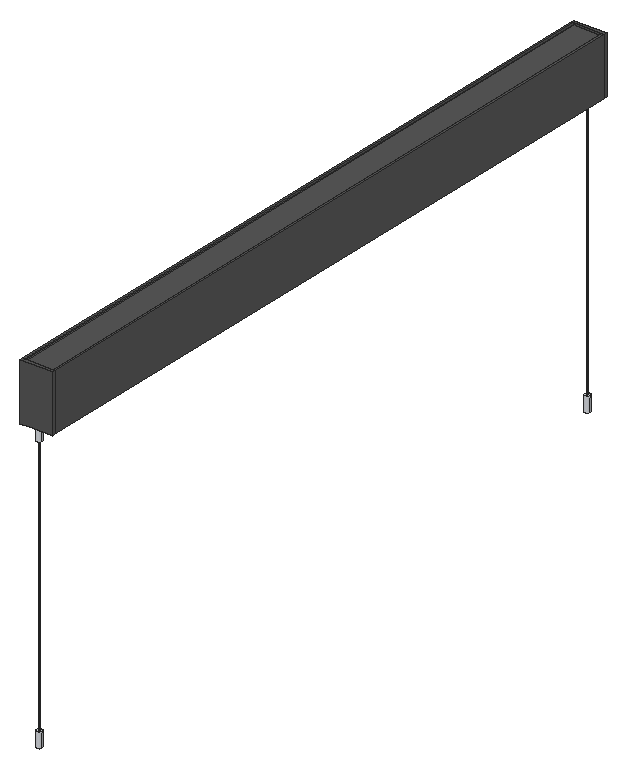
Revit family "EOS2.0-P-D", category Lighting Fixtures, host Face, Revit 2018
Family settings
  Host = Face
  Round Connector Dimension = Use Diameter
  Part Type = Normal
  Cut with Voids When Loaded = No
  Light Source = Yes
  Shared = Yes
  Room Calculation Point = Yes
Parameters (values of type "4' Direct")
  Wattage = 17.6471 W
  built-in parameter 1150110 = 1 (stored number, unit not read)
  Voltage = 0 V
  Type Comments = "LUX ILLUMINAIRE"
  built-in parameter 1114217 = 1 (stored number, unit not read)
  Tilt Angle = 90.00°
  built-in parameter 1150109 = 1 (stored number, unit not read)
  built-in parameter 1150134 = 12
  Switch Leg Visibility = no
  Switch Leg [instance] = ""
  Suspension Length [instance] = 2' - 0"
  built-in parameter 1150113 = 1 (stored number, unit not read)
  Photometric Web File = "EOS2.0 P-D 375 4 40K 8.ies"
  Material [instance] = LUX ILLUMINAIRE Black
  Manufacturer = ""
  built-in parameter 1150105 = 119.37 (stored number, unit not read)
  Lumens = 1500 lm
  built-in parameter 1150115 = 1 (stored number, unit not read)
  built-in parameter 1150137 = (empty or 0)
  built-in parameter 1150139 = (empty or 0)
  built-in parameter 1150112 = 1 (stored number, unit not read)
  built-in parameter 1150114 = 1 (stored number, unit not read)
  Lamp = "LED"
  built-in parameter 1150132 = 2
  built-in parameter 1150102 = (empty or 0)
  built-in parameter 1150107 = 4000 (stored number, unit not read)
  built-in parameter 1150138 = (empty or 0)
  built-in parameter 1150106 = 1.1937 (stored number, unit not read)
  Fixture Width = 0' - 2 1/4"  # constant formula
  Fixture Symbol Visiblity = yes
  Fixture Length = 4' - 0"
  Emit from Rectangle Width = Fixture Width - 0' 0 1/4"  # 0' - 2"
  Emit from Rectangle Length = Fixture Length  # 4' - 0"
  Emit Shape Visible in Rendering = yes
  Emergency Lighting [instance] = no
  built-in parameter 1150104 = 7.8968 (stored number, unit not read)
  Dimming Lamp Color Temperature Shift = <None>
  Default Elevation = 4' - 0"
  Color Filter = 16777215
  built-in parameter 1140040 [instance] = 1
  built-in parameter 1114218 = 1 (stored number, unit not read)
  built-in parameter 1150133 = 10 (stored number, unit not read)
  Apparent Load = 13.7 VA
Types (6): name | Wattage | Type Comments | Manufacturer | built-in parameter 1150105 | Lumens | built-in parameter 1150106 | Fixture Length | Emit from Rectangle Length | Apparent Load
  3' Direct | 13.2353 W | "LUX ILLUMINAIRE" | "" | 89.525 (stored number, unit not read) | 1125 lm | 0.89525 (stored number, unit not read) | 3' - 0" | 3' - 0" | 13.7 VA
  4' Direct | 17.6471 W | "LUX ILLUMINAIRE" | "" | 119.37 (stored number, unit not read) | 1500 lm | 1.1937 (stored number, unit not read) | 4' - 0" | 4' - 0" | 13.7 VA
  5' Direct | 22.0588 W | "LUX ILLUMINAIRE" | "" | 149.21 (stored number, unit not read) | 1875 lm | 1.4921 (stored number, unit not read) | 5' - 0" | 5' - 0" | 17.2 VA
  6' Direct | 26.4706 W | 0' - 0" | "LUX ILLUMINAIRE" | 179.05 (stored number, unit not read) | 2250 lm | 1.7905 (stored number, unit not read) | 6' - 0" | 6' - 0" | 20.6 VA
  7' Direct | 30.8824 W | 0' - 0" | "LUX ILLUMINAIRE" | 208.89 (stored number, unit not read) | 2625 lm | 2.0889 (stored number, unit not read) | 7' - 0" | 7' - 0" | 24 VA
  8' Direct | 35.2941 W | 0' - 0" | "LUX ILLUMINAIRE" | 238.73 (stored number, unit not read) | 3000 lm | 2.3873 (stored number, unit not read) | 8' - 0" | 8' - 0" | 27.4 VA
Reference planes (in)
  plane 1 "Center (Front/Back)": y = 0
  plane 2: z = 0
  plane 3 "Center (Left/Right)": x = 0
  plane 4: x = 1.125
  plane 5: x = -1.125
  plane 6: y = 24
  plane 7: y = -24
  plane 8: z = 24
  plane 9: y = 24.25
  plane 10: y = -24.25
  plane 11: z = 1
  plane 12: z = 20
  plane 13: z = 19.25
Forms (in)
  Extrusion 1, solid, material "LUX ILLUMINAIRE Black" <- "Material"
    sketch origin (0, 0, 0) x (1, 0, 0) y (0, 0, 1)
      loop
        line (-1.12525, 19.9985) -> (-0.437, 19.9985) -> (0.438, 19.9985) -> (1.12626, 19.9985) -> (1.12626, 24) -> (1.04127, 24) -> (1.04127, 23.887) -> (0.88928, 23.90497) -> (-0.8887, 23.90497) -> (-1.04026, 23.887) -> (-1.04026, 24) -> (-1.12525, 24) -> (-1.12525, 19.9985)
    from -24 to 24
  Extrusion 2, solid, material "LUX ILLUMINAIRE Black" <- "Material"
    sketch origin (0, 0, 0) x (1, 0, 0) y (0, 0, 1)
      loop
        line (-1.12525, 24) -> (-1.12525, 19.9985) -> (-0.437, 19.9985) -> (0.438, 19.9985) -> (1.12626, 19.9985) -> (1.12626, 24) -> (-1.12525, 24)
    from 24 to 24.25
  Extrusion 3, solid
    sketch origin (0, 0, 0) x (1, 0, 0) y (0, 1, 0)
      loop
        circle (0.00029, -24) r 0.1875
    from 0 to 1
  Extrusion 4, solid
    sketch origin (0, 0, 0) x (1, 0, 0) y (0, 1, 0)
      loop
        circle (0.0005, -24) r 0.03125
    from 1 to 19.25
  Extrusion 5, solid
    sketch origin (0, 0, 0) x (1, 0, 0) y (0, 1, 0)
      loop
        circle (0.0005, -24) r 0.18729
    from 19.25 to 20
  Extrusion 6, solid, not visible
    sketch origin (0, 0, 0) x (1, 0, 0) y (0, 1, 0)
      loop
        circle (0.00029, -24) r 0.1875
    from 0 to 1
  Extrusion 7, solid, not visible
    sketch origin (0, 0, 0) x (1, 0, 0) y (0, 1, 0)
      loop
        circle (0.0005, -24) r 0.03125
    from 1 to 13.33203
  Extrusion 8, solid, not visible
    sketch origin (0, 0, 0) x (1, 0, 0) y (0, 1, 0)
      loop
        circle (0.0005, -24) r 0.18729
    from 13.33203 to 14.08203
  Extrusion 9, solid, material "LUX ILLUMINAIRE Black" <- "Material"
    sketch origin (0.00056, 24, 0) x (1, 0, 0) y (0, 0, -1)
      loop
        line (-1.12556, -24) -> (1.12444, -24) -> (1.12444, -19.9985) -> (0.438, -19.9985) -> (-0.437, -19.9985) -> (-1.12556, -19.9985) -> (-1.12556, -24)
    from 0 to 0.25
  Extrusion 10, solid
    sketch origin (0, 0, 0) x (1, 0, 0) y (0, 1, 0)
      loop
        circle (0.00029, 24) r 0.1875
    from 0 to 1
  Extrusion 11, solid
    sketch origin (0, 0, 0) x (1, 0, 0) y (0, 1, 0)
      loop
        circle (0.0005, 24) r 0.03125
    from 1 to 19.25
  Extrusion 12, solid
    sketch origin (0, 0, 0) x (1, 0, 0) y (0, 1, 0)
      loop
        circle (0.0005, 24) r 0.18729
    from 19.25 to 20
Lines and regions (in)
  symbolic lines, visible <- "Fixture Symbol Visiblity"
    curve 1: line (-1.125, 24, 0) -> (1.125, 24, 0)
    curve 2: line (-1.125, -24, 0) -> (-1.125, 24, 0)
    curve 3: line (1.125, -24, 0) -> (-1.125, -24, 0)
    curve 4: line (1.125, 24, 0) -> (1.125, -24, 0)
Dimensions and locks (in)
  plane 5 to plane 4 = 0' - 2 1/4"
  equal spacing: plane 7, plane 1 "Center (Front/Back)", plane 6
  "Fixture Length": plane 7 to plane 6
  plane 8 to host face = 2' - 0"
  locked: plane 6 to plane 9 at 0.25
  locked: plane 10 to plane 7 at 0.25
  "Suspension Length": plane 8 to level
  "Fixture Width": plane 4 to plane 5
  equal spacing: plane 4, plane 3 "Center (Left/Right)", plane 5
  locked: nested 2 to plane 10 at 9.5
  plane 8 to plane 12 to plane 13 = 0' - 4" locked, 0' - 0 3/4" locked
  locked: plane 8 to imposter light at 0.05558
  aligned and locked: plane 2 to host face
  aligned and locked: level to host face
  aligned and locked: Extrusion 9 to plane 5
  aligned and locked: plane 4 to Extrusion 9
  aligned and locked: plane 6 to Extrusion 9
  aligned and locked: Extrusion 1 to plane 6
  aligned and locked: plane 10 to Extrusion 2
  aligned and locked: Extrusion 2 to plane 7
  aligned and locked: plane 7 to Extrusion 1
  aligned and locked: Extrusion 9 to plane 9
  aligned and locked: plane 12 to Extrusion 12
  aligned and locked: Extrusion 12 to plane 13
  aligned and locked: plane 13 to Extrusion 11
  aligned and locked: plane 12 to Extrusion 5
  aligned and locked: Extrusion 5 to plane 13
  aligned and locked: plane 13 to Extrusion 4
  aligned and locked: plane 7 to nested 1
  aligned and locked: plane 6 to curve 1
  aligned and locked: plane 5 to curve 2
  aligned and locked: curve 3 to plane 7
  aligned and locked: curve 4 to plane 4
  aligned and locked: nested 1 to plane 6
  aligned and locked: plane 8 to Extrusion 9
  aligned and locked: plane 8 to Extrusion 2
Automatic sketch dimensions
  host sketch curve to host sketch curve = 8' - 0"  (x2)
  Extrusion 1 sketch curve to plane 5 = 0' - 0.00025"
  plane 5 to Extrusion 1 sketch curve = 0' - 0.08474"  (x2)
  Extrusion 1 sketch curve to plane 8 = 0' - 0.113"  (x2)
  Extrusion 1 sketch curve to plane 8 = 0' - 0.09503"  (x2)
  Extrusion 1 sketch curve to Extrusion 1 sketch curve = 0' - 0.15157"
  Extrusion 1 sketch curve to plane 12 = 0' - 0.0015"
  Extrusion 1 sketch curve to plane 3 "Center (Left/Right)" = 0' - 0.437"
  plane 3 "Center (Left/Right)" to Extrusion 1 sketch curve = 0' - 0.438"
  Extrusion 1 sketch curve to plane 4 = 0' - 0.23572"
  Extrusion 1 sketch curve to plane 4 = 0' - 0.08373"  (x2)
  plane 4 to Extrusion 1 sketch curve = 0' - 0.00126"
  plane 8 to Extrusion 1 sketch curve = 0' - 0"  (x2)
  Extrusion 1 sketch curve to Extrusion 1 sketch curve = 0' - 0"  (x2)
  Extrusion 2 sketch curve to plane 5 = 0' - 0.00025"
  Extrusion 2 sketch curve to plane 12 = 0' - 0.0015"
  Extrusion 2 sketch curve to plane 3 "Center (Left/Right)" = 0' - 0.437"
  plane 3 "Center (Left/Right)" to Extrusion 2 sketch curve = 0' - 0.438"
  plane 4 to Extrusion 2 sketch curve = 0' - 0.00126"
  plane 8 to Extrusion 2 sketch curve = 0' - 0"
  plane 5 to Extrusion 9 sketch curve = 0' - 0"
  Extrusion 9 sketch curve to plane 12 = 0' - 0.0015"
  Extrusion 9 sketch curve to plane 3 "Center (Left/Right)" = 0' - 0.43644"
  plane 3 "Center (Left/Right)" to Extrusion 9 sketch curve = 0' - 0.43856"
  plane 4 to Extrusion 9 sketch curve = 0' - 0"
  plane 8 to Extrusion 9 sketch curve = 0' - 0"
  plane 7 to Extrusion 3 sketch curve = 0' - 0"
  plane 3 "Center (Left/Right)" to Extrusion 3 sketch curve = 0' - 0.00029"
  plane 7 to Extrusion 4 sketch curve = 0' - 0"
  plane 3 "Center (Left/Right)" to Extrusion 4 sketch curve = 0' - 0.0005"
  plane 7 to Extrusion 5 sketch curve = 0' - 0"
  plane 3 "Center (Left/Right)" to Extrusion 5 sketch curve = 0' - 0.0005"
  plane 6 to Extrusion 10 sketch curve = 0' - 0"
  plane 3 "Center (Left/Right)" to Extrusion 10 sketch curve = 0' - 0.00029"
  plane 6 to Extrusion 11 sketch curve = 0' - 0"
  plane 3 "Center (Left/Right)" to Extrusion 11 sketch curve = 0' - 0.0005"
  plane 6 to Extrusion 12 sketch curve = 0' - 0"
  plane 3 "Center (Left/Right)" to Extrusion 12 sketch curve = 0' - 0.0005"
  radius of Extrusion 3 sketch curve = 0' - 0 3/16"
  radius of Extrusion 4 sketch curve = 0' - 0 1/32"
  radius of Extrusion 5 sketch curve = 0' - 0.18729"
  radius of Extrusion 6 sketch curve = 0' - 0 3/16"
  radius of Extrusion 7 sketch curve = 0' - 0 1/32"
  radius of Extrusion 8 sketch curve = 0' - 0.18729"
  radius of Extrusion 10 sketch curve = 0' - 0 3/16"
  radius of Extrusion 11 sketch curve = 0' - 0 1/32"
  radius of Extrusion 12 sketch curve = 0' - 0.18729"
Nested families (in)
  nested 1: "Emergency Symbol Rectangle" at (-10.98442, 0, 0) x (0, 1, 0) z (0, 0, 1), visible <- "Emergency Lighting", type "Emergency Symbol Rectangle"
    with Width 0' - 8.71884", Length 4' - 0"
  nested 2: "Switch Leg Annotation" at (9.99627, -14.75, 0) x (0, 1, 0) z (0, 0, 1), visible <- "Switch Leg Visibility", Switch Leg Annotation <- "Switch Leg", type "Switch Leg Annotation"
    with Switch Leg Annotation ""
Connectors (in)
  electrical at (0.00029, 24, 0), driven by "Apparent Load", driven by "Voltage"
    settings: on Extrusion 10, index 1, voltage 0 V, apparent load 0 VA, apparent load phase1 13.7 VA, apparent load phase2 0 VA, apparent load phase3 0 VA, power factor 1, load classification "Other", number of poles 1, system type 31, power factor state 1, is connector primary yes, connector utility no, sub classification motor no, connector description ""
Definition of nested family "Emergency Symbol Rectangle"
  Parameters (values of type "Emergency Symbol Rectangle")
    Width [instance] = 0' - 8 1/2"
    Length [instance] = 5' - 0"
    Emergency Visibility = no
  Reference planes (in)
    plane 1 "Center (Front/Back)": y = -7.75
    plane 2: z = 0
    plane 3 "Center (Left/Right)": x = -24
    plane 4: x = 24
    plane 5: x = -36
    plane 6: y = -3.5
    plane 7: y = -12
  Lines and regions (in)
    Filled region 1, type "Solid Fill - Black", in view "Ref. Level", detail levels coarse+medium
      outline origin (0, 0.25, 0) x (1, 0, 0) y (0, 1, 0)
        loop
          line (-36, -12.25) -> (24, -12.25) -> (-36, -10.125) -> (-36, -12.25)
  Dimensions and locks (in)
    equal spacing: plane 7, plane 1 "Center (Front/Back)", plane 6
    "Width": plane 7 to plane 6
    "Length": plane 5 to plane 4
    aligned and locked: plane 5 to Filled region 1
  Automatic sketch dimensions
    plane 1 "Center (Front/Back)" to Filled region 1 sketch curve = 0' - 2 1/8"
    Filled region 1 sketch curve to plane 3 "Center (Left/Right)" = 1' - 0"
    Filled region 1 sketch curve to plane 4 = 0' - 0"
    Filled region 1 sketch curve to plane 7 = 0' - 0"
Definition of nested family "Switch Leg Annotation"
  Parameters (values of type "Switch Leg Annotation")
    Switch Leg Annotation [instance] = ""
  Reference planes (in)
    plane 1: y = 0
    plane 2: x = 0
  Text (in)
    label "a" at (0.00527, 0.01239, 0), shows "Switch Leg Annotation"
